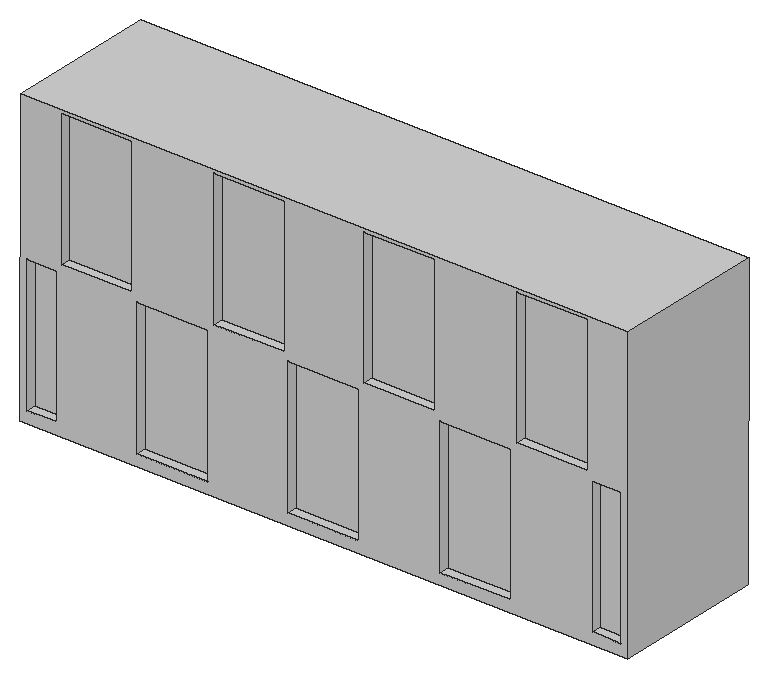
Revit family "SA 6H8W", category Mechanical Equipment, Revit 2019
Family settings
  Round Connector Dimension = Use Diameter
  Part Type = Normal
  OmniClass Number = 23.75.00.00
  OmniClass Title = Climate Control (HVAC)
  Work Plane-Based = No
  Always vertical = Yes
  Cut with Voids When Loaded = No
  Shared = No
  Room Calculation Point = No
Parameters (values of type "6H8W SA")
  Width = 5' - 4 1/2"
  Weight (lbs.) = "5282"
  URL = "www.renewaire.com"
  Model = "6H8W SA"
  Manufacturer = "Renewaire LLC"
  Length = 21' - 8 1/2"
  Housing = Metal - RenewAire - Anodized - Gray Text
  Height = 10' - 5 1/2"
  Description = "Energy Recovery Ventilator"
  Cores (L125-G5) = "48"
  Airflow Range (CFM) = "12,000-52,800"
Reference planes (in)
  plane 1 "Center (Front/Back)": y = 0
  plane 2: z = 0
  plane 3 "Center (Left/Right)": x = 0
Forms (in)
  Extrusion 1, solid, material "Metal - RenewAire - Anodized - Gray Text" <- "Housing"
    sketch origin (0, -16.07731, 0) x (0, 1, 0) y (0, 0, 1)
      loop
        line (32.26413, 145.375) -> (-32.26413, 145.375) -> (-32.26413, 19.875) -> (32.26413, 19.875) -> (32.26413, 145.375)
    from 0 to 260.5
  Extrusion 2, void
    sketch origin (0.62375, -14.11828, 19.48574) x (1, 0, 0) y (0, 0, 1)
      loop
        line (2.375, 63.5) -> (2.375, 5.25) -> (15.17072, 5.25) -> (15.17072, 63.5) -> (2.375, 63.5)
      loop
        line (49.50854, 63.5) -> (49.50854, 5.25) -> (79.83716, 5.25) -> (79.83716, 63.5) -> (49.50854, 63.5)
      loop
        line (47.32983, 124.75) -> (17.00122, 124.75) -> (17.00122, 66.5) -> (47.32983, 66.5) -> (47.32983, 124.75)
      loop
        line (82.52479, 124.75) -> (82.52479, 66.5) -> (112.77479, 66.5) -> (112.77479, 124.75) -> (82.52479, 124.75)
      loop
        line (114.17072, 63.5) -> (114.17072, 5.25) -> (144.42072, 5.25) -> (144.42072, 63.5) -> (114.17072, 63.5)
      loop
        line (146.67096, 124.75) -> (146.67096, 66.5) -> (176.92096, 66.5) -> (176.92096, 124.75) -> (146.67096, 124.75)
      loop
        line (179.375, 63.5) -> (179.375, 5.25) -> (209.625, 5.25) -> (209.625, 63.5) -> (179.375, 63.5)
      loop
        line (212.25824, 124.75) -> (212.25824, 66.5) -> (242.50824, 66.5) -> (242.50824, 124.75) -> (212.25824, 124.75)
      loop
        line (244.625, 63.5) -> (244.625, 5.25) -> (257, 5.25) -> (257, 63.5) -> (244.625, 63.5)
    from 30 to 38.22316
  Extrusion 3, void
    sketch origin (-0.12625, 49.88172, -1.18675) x (1, 0, 0) y (0, 0, 1)
      loop
        line (3.17072, 84.13013) -> (3.17072, 25.88013) -> (15.96643, 25.88013) -> (15.96643, 84.13013) -> (3.17072, 84.13013)
      loop
        line (50.30426, 84.13013) -> (50.30426, 25.88013) -> (80.63287, 25.88013) -> (80.63287, 84.13013) -> (50.30426, 84.13013)
      loop
        line (48.12555, 145.375) -> (17.79694, 145.375) -> (17.79694, 87.13013) -> (48.12555, 87.13013) -> (48.12555, 145.375)
      loop
        line (83.32051, 145.31611) -> (83.32051, 87.13013) -> (113.52479, 87.13013) -> (113.52479, 145.31611) -> (83.32051, 145.31611)
      loop
        line (145.17072, 84.17249) -> (114.92072, 84.17249) -> (114.92072, 25.92249) -> (145.17072, 25.92249) -> (145.17072, 84.17249)
      loop
        line (177.67096, 145.42249) -> (147.42096, 145.42249) -> (147.42096, 87.17249) -> (177.67096, 87.17249) -> (177.67096, 145.42249)
      loop
        line (210.375, 84.17249) -> (180.125, 84.17249) -> (180.125, 25.92249) -> (210.375, 25.92249) -> (210.375, 84.17249)
      loop
        line (243.25824, 145.42249) -> (213.00824, 145.42249) -> (213.00824, 87.17249) -> (243.25824, 87.17249) -> (243.25824, 145.42249)
      loop
        line (245.375, 25.92249) -> (257.75, 25.92249) -> (257.75, 84.17249) -> (245.375, 84.17249) -> (245.375, 25.92249)
    from 30 to 38.22316
Cuts and joins
  Extrusion 2, Extrusion 3 cuts Extrusion 1
Dimensions and locks (in)
  aligned and locked: level to plane 2
